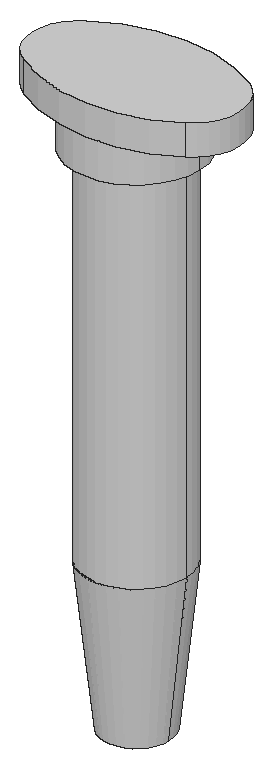
Revit family "PIN E20x70_0252070", category Generic Models, Revit 2018
Family settings
  Can host rebar = No
  Round Connector Dimension = Use Diameter
  Part Type = Normal
  OmniClass Number = 35.51.14.00
  OmniClass Title = FORMWORK
  Work Plane-Based = Yes
  Always vertical = No
  Cut with Voids When Loaded = No
  Shared = Yes
  Room Calculation Point = No
Parameters
  VERSION = "20170217"  # constant formula
  URL = "www.ulmaconstruction.com/en"
  UNICLASS = ""
  Model = ""
  Manufacturer = "ULMA CONSTRUCTION"  # constant formula
  ITEM_WEIGHT = 0.29 kg
  ITEM_CODE = "0252070"
  FILTER [instance] = ""
  Default Elevation = 0.00 mm
  CLASSIFICATION_TITLE = ""
  CLASSIFICATION_NUMBER = ""
Reference planes
  plane 1 "Centro (Frontal/Posterior)": y = 0
  plane 2: z = 0
  plane 3 "Centro (Izquierda/Derecha)": x = 0
  plane 4 "COTTER PIN": z = -36.5
  plane 5: z = -66.5
  plane 6: z = 49.5
  plane 7: z = 36.5
Forms (mm)
  Blend 1, solid, material "ULMA ZINC", detail levels fine
    base sketch origin (-103.581, -1524, -36.5) x (-1, 0, 0) y (0, -1, 0)
      loop
        circle (-103.581, -1524) r 9.875
    top sketch origin (-93.708, -1524, -66.5) x (-1, 0, 0) y (0, -1, 0)
      loop
        circle (-93.708, -1524) r 6.5
    from 0 to 0
  Extrusion 2, solid, material "ULMA ZINC", detail levels fine
    sketch origin (-103.581, -1524, -36.5) x (-1, 0, 0) y (0, -1, 0)
      loop
        circle (-103.581, -1524) r 9.875
    from 0 to 73
  Extrusion 3, solid, material "ULMA ZINC", detail levels fine
    sketch origin (0, 0, 36.5) x (1, 0, 0) y (0, 1, 0)
      loop
        circle (0, 0) r 12.5
    from 0 to 7
  Extrusion 4, solid, material "ULMA ZINC", detail levels fine
    sketch origin (12.5, -1524, 43.5) x (0, -1, 0) y (-1, 0, 0)
      loop
        arc (-1531.872, -3.508) -> (-1523.988, -7.84) -> (-1516.115, -3.488) r 9.318
        arc (-1516.115, -3.488) -> (-1511.5, 12.5) -> (-1516.115, 28.488) r 30
        arc (-1516.115, 28.488) -> (-1523.87, 32.839) -> (-1531.743, 28.706) r 9.318
        arc (-1531.743, 28.706) -> (-1536.498, 12.618) -> (-1531.872, -3.508) r 30
    from -6 to 0
Lines and regions (mm)
  model lines, style "ULMA BOLT", detail levels medium
    curve 1: arc (0.267, 12.497, 49.5) -> (-0.002, 12.5, 49.5) -> (-0.27, 12.497, 49.5) r 12.5
    curve 2: arc (15.988, -7.885, 49.5) -> (20.34, -0.012, 49.5) -> (16.008, 7.872, 49.5) r 9.318
    curve 3: arc (-15.988, -7.885, 49.5) -> (0, -12.5, 49.5) -> (15.988, -7.885, 49.5) r 30
    curve 4: arc (-16.206, 7.743, 49.5) -> (-20.339, -0.13, 49.5) -> (-15.988, -7.885, 49.5) r 9.318
    curve 5: arc (16.008, 7.872, 49.5) -> (-0.118, 12.498, 49.5) -> (-16.206, 7.743, 49.5) r 30
    curve 15: line (0, 0, -66.5) -> (0, 0, 49.5)
    curve 16: line (-9.875, 0, -36.5) -> (9.875, 0, -36.5)
  model lines, style "ULMA BOLT", detail levels fine
    curve 6: spline (-6.098, 6.263, 49.5) -> (-5.89, 3.149, 49.5) -> (-5.281, 0.248, 49.5) -> (-4.312, -2.243, 49.5) -> (-3.05, -4.154, 49.5) -> (-1.579, -5.356, 49.5) -> (-0.001, -5.766, 49.5) -> (1.577, -5.356, 49.5) -> (3.047, -4.154, 49.5) -> (4.31, -2.243, 49.5) -> (5.28, 0.248, 49.5) -> (5.889, 3.149, 49.5) -> (6.098, 6.263, 49.5)
    curve 7: line (6.098, 6.263, 49.5) -> (6.265, 6.263, 49.5)
    curve 8: line (6.265, 6.263, 49.5) -> (6.265, -6.267, 49.5)
    curve 9: line (6.265, -6.267, 49.5) -> (-6.265, -6.267, 49.5)
    curve 10: line (-6.265, -6.267, 49.5) -> (-6.265, 6.263, 49.5)
    curve 11: line (-6.265, 6.263, 49.5) -> (-6.098, 6.263, 49.5)
    curve 12: line (2.756, 6.265, 49.5) -> (-2.757, 6.265, 49.5)
    curve 13: spline (-2.757, 6.265, 49.5) -> (-2.663, 4.254, 49.5) -> (-2.388, 2.379, 49.5) -> (-1.95, 0.77, 49.5) -> (-1.379, -0.465, 49.5) -> (-0.714, -1.242, 49.5) -> (0, -1.507, 49.5) -> (0.714, -1.242, 49.5) -> (1.379, -0.465, 49.5) -> (1.95, 0.77, 49.5) -> (2.388, 2.379, 49.5) -> (2.663, 4.254, 49.5) -> (2.756, 6.265, 49.5)
    curve 14: circle (0, 0, 49.5) r 12.5 normal (0, 0, 1)
Dimensions and locks
  locked: plane 7 to plane 4 "COTTER PIN" at 73
  locked: plane 7 to level at 36.5
  aligned and locked: level to plane 2
  aligned and locked: plane 4 "COTTER PIN" to Blend 1
  aligned and locked: Extrusion 2 to plane 4 "COTTER PIN"
  aligned and locked: plane 6 to Extrusion 4
